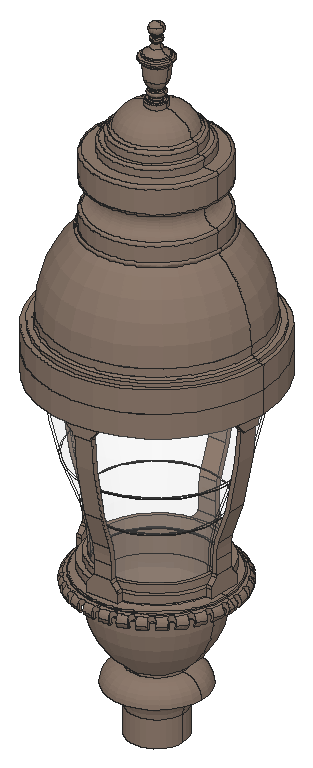
Revit family "LA983", category Generic Models, Revit 2017
Family settings
  Can host rebar = No
  Round Connector Dimension = Use Diameter
  Part Type = Normal
  Work Plane-Based = No
  Always vertical = Yes
  Cut with Voids When Loaded = No
  Shared = No
  Room Calculation Point = No
Parameters
  LENS = Polycarbonate, Clear
  LA983 = ARCH. BRNZ.
Reference planes (in)
  plane 1 "Center (Front/Back)": y = 0
  plane 2: z = 0
  plane 3 "Center (Left/Right)": x = 0
Forms (in)
  Revolve 1, solid, material "ARCH. BRNZ." <- "LA983"
    sketch origin (-65.34541, 0, 0) x (1, 0, 0) y (0, 0, 1)
      loop
        arc (63.36643, 5.125) -> (61.7897, 7.11324) -> (61.34525, 9.61157) r 5.18507
        line (61.34525, 9.61157) -> (61.5015, 9.61157) -> (61.5015, 11.1875) -> (61.34541, 11.1875) -> (61.34541, 12) -> (61.09541, 12) -> (61.09541, 11.5) -> (60.7051, 11.5) -> (60.7051, 11) -> (60.97041, 11)
        arc (60.97041, 11) -> (60.92194, 10.9736) -> (60.89529, 10.92527) r 0.09846
        arc (60.89529, 10.92527) -> (60.87742, 10.87799) -> (60.8412, 10.84273) r 0.11648
        arc (60.8412, 10.84273) -> (60.55464, 10.74416) -> (60.25329, 10.71217) r 1.34629
        arc (60.25329, 10.71217) -> (60.20909, 10.69387) -> (60.19079, 10.64967) r 0.0625
        line (60.19079, 10.64967) -> (60.19079, 10.58717)
        arc (60.19079, 10.58717) -> (60.07163, 10.57253) -> (59.95957, 10.52946) r 0.49206
        arc (59.95957, 10.52946) -> (59.75728, 10.3213) -> (59.70173, 10.03641) r 0.50882
        arc (59.70173, 10.03641) -> (59.7632, 9.86687) -> (59.88789, 9.73657) r 0.4371
        arc (59.88789, 9.73657) -> (59.92992, 9.7335) -> (59.95104, 9.76997) r 0.03971
        arc (59.95104, 9.76997) -> (59.9519, 9.78734) -> (59.95334, 9.80467) r 0.51288
        arc (59.95334, 9.80467) -> (59.91795, 10.04487) -> (60.02421, 10.26319) r 0.41131
        arc (60.02421, 10.26319) -> (60.1059, 10.32149) -> (60.19303, 10.3713) r 0.99932
        arc (60.19303, 10.3713) -> (60.6541, 10.36665) -> (60.91531, 9.98668) r 0.5
        arc (60.91531, 9.98668) -> (60.92833, 9.79928) -> (60.9212, 9.61157) r 1.75115
        line (60.9212, 9.61157) -> (61.10145, 9.61157)
        arc (61.10145, 9.61157) -> (61.59187, 6.96681) -> (63.28291, 4.875) r 5.47365
        line (63.28291, 4.875) -> (63.84541, 4.875) -> (63.84541, 5.125) -> (63.36643, 5.125)
      axis (65.34541, 4.875) -> (65.34541, 12)
    angle from 0 to 360
  Revolve 2, solid, material "ARCH. BRNZ." <- "LA983"
    sketch origin (-65.34711, 0, 0) x (1, 0, 0) y (0, 0, 1)
      loop
        arc (64.36997, 44.18873) -> (64.42307, 44.16714) -> (64.44506, 44.11421) r 0.0744
        arc (64.44506, 44.11421) -> (64.45175, 44.05356) -> (64.46119, 43.99328) r 1.33358
        arc (64.46119, 43.99328) -> (64.4952, 43.48328) -> (64.57811, 42.97892) r 5.30623
        arc (64.57811, 42.97892) -> (64.69437, 42.70014) -> (64.8647, 42.45068) r 1.48313
        arc (64.8647, 42.45068) -> (64.91969, 42.40646) -> (64.9808, 42.37118) r 0.45987
        arc (64.9808, 42.37118) -> (65.00037, 42.32225) -> (64.97257, 42.27747) r 0.0584
        arc (64.97257, 42.27747) -> (64.94511, 42.2635) -> (64.92573, 42.23955) r 0.0739
        arc (64.92573, 42.23955) -> (64.90871, 42.23521) -> (64.89124, 42.23334) r 0.12303
        arc (64.89124, 42.23334) -> (64.85783, 42.21672) -> (64.83583, 42.18658) r 0.07875
        arc (64.83583, 42.18658) -> (64.75289, 42.05867) -> (64.85258, 41.94333) r 0.12695
        arc (64.85258, 41.94333) -> (64.8654, 41.9344) -> (64.86739, 41.9189) r 0.01928
        arc (64.86739, 41.9189) -> (64.87302, 41.89476) -> (64.8937, 41.88109) r 0.03352
        arc (64.8937, 41.88109) -> (64.91557, 41.87567) -> (64.9331, 41.8615) r 0.05198
        arc (64.9331, 41.8615) -> (64.96911, 41.77887) -> (64.95613, 41.68967) r 0.16437
        arc (64.95613, 41.68967) -> (64.9275, 41.65124) -> (64.88707, 41.62549) r 0.13264
        arc (64.88707, 41.62549) -> (64.80972, 41.60972) -> (64.7323, 41.59429) r 18.01965
        arc (64.7323, 41.59429) -> (64.71015, 41.58445) -> (64.693, 41.56731) r 0.06636
        arc (64.693, 41.56731) -> (64.64994, 41.55285) -> (64.61899, 41.51961) r 0.09233
        line (64.61899, 41.51961) -> (64.61899, 41.20711) -> (65.21721, 41.20711) -> (65.21721, 42.60566) -> (65.34221, 42.83053) -> (65.34221, 46.65783)
        arc (65.34221, 46.65783) -> (65.08733, 46.57825) -> (64.90231, 46.38571) r 0.53684
        arc (64.90231, 46.38571) -> (64.86099, 46.19897) -> (64.92324, 46.01812) r 0.35261
        arc (64.92324, 46.01812) -> (64.97651, 45.96059) -> (65.03731, 45.91109) r 0.55926
        arc (65.03731, 45.91109) -> (65.07168, 45.87402) -> (65.08462, 45.82514) r 0.10443
        arc (65.08462, 45.82514) -> (65.06177, 45.79834) -> (65.05647, 45.76347) r 0.0638
        arc (65.05647, 45.76347) -> (65.05115, 45.73721) -> (65.03076, 45.71984) r 0.04101
        arc (65.03076, 45.71984) -> (64.98659, 45.68592) -> (64.96131, 45.63629) r 0.12623
        arc (64.96131, 45.63629) -> (64.95318, 45.57395) -> (64.96525, 45.51225) r 0.1955
        arc (64.96525, 45.51225) -> (64.98496, 45.47404) -> (65.01911, 45.44791) r 0.09817
        arc (65.01911, 45.44791) -> (65.03573, 45.43571) -> (65.04257, 45.41625) r 0.03493
        arc (65.04257, 45.41625) -> (65.04315, 45.40056) -> (65.04206, 45.3849) r 0.14705
        arc (65.04206, 45.3849) -> (65.04488, 45.36879) -> (65.05586, 45.35667) r 0.02946
        arc (65.05586, 45.35667) -> (65.07016, 45.34862) -> (65.08656, 45.34797) r 0.03502
        arc (65.08656, 45.34797) -> (65.05466, 45.16667) -> (64.96996, 45.00322) r 0.60818
        arc (64.96996, 45.00322) -> (64.78187, 44.76567) -> (64.52885, 44.59896) r 0.95538
        arc (64.52885, 44.59896) -> (64.49059, 44.57988) -> (64.45968, 44.55035) r 0.14307
        arc (64.45968, 44.55035) -> (64.45226, 44.53248) -> (64.44912, 44.5134) r 0.08435
        arc (64.44912, 44.5134) -> (64.3547, 44.47614) -> (64.27082, 44.41899) r 0.4577
        arc (64.27082, 44.41899) -> (64.23261, 44.36937) -> (64.22273, 44.30754) r 0.1271
        arc (64.22273, 44.30754) -> (64.26139, 44.23923) -> (64.32994, 44.201) r 0.14524
        arc (64.32994, 44.201) -> (64.35028, 44.19594) -> (64.36997, 44.18873) r 0.19671
      axis (65.34221, 41.20711) -> (65.34221, 46.65783)
    angle from 0 to 360
  Revolve 3, solid, material "ARCH. BRNZ." <- "LA983"
    sketch origin (-65.34711, 0, 0) x (1, 0, 0) y (0, 0, 1)
      loop
        arc (60.84058, 36.49511) -> (60.89564, 36.36217) -> (61.02858, 36.30711) r 0.188
        arc (61.02858, 36.30711) -> (61.84319, 35.43211) -> (61.02858, 34.55711) r 0.87724
        arc (61.02858, 34.55711) -> (60.89564, 34.50205) -> (60.84058, 34.36911) r 0.188
        line (60.84058, 34.36911) -> (60.84058, 33.24411)
        arc (60.84058, 33.24411) -> (60.82154, 33.19815) -> (60.77558, 33.17911) r 0.065
        line (60.77558, 33.17911) -> (60.71558, 33.17911)
        arc (60.71558, 33.17911) -> (60.65058, 33.24411) -> (60.71558, 33.30911) r 0.065
        line (60.71558, 33.30911) -> (60.71558, 33.36911)
        arc (60.71558, 33.36911) -> (60.59058, 33.24411) -> (60.71558, 33.11911) r 0.125
        line (60.71558, 33.11911) -> (60.77558, 33.11911)
        arc (60.77558, 33.11911) -> (60.86397, 33.15572) -> (60.90058, 33.24411) r 0.125
        line (60.90058, 33.24411) -> (60.90058, 34.36911)
        arc (60.90058, 34.36911) -> (60.93874, 34.46029) -> (61.03048, 34.4971) r 0.128
        arc (61.03048, 34.4971) -> (61.90319, 35.43211) -> (61.03048, 36.36712) r 0.93724
        arc (61.03048, 36.36712) -> (60.93874, 36.40393) -> (60.90058, 36.49511) r 0.128
        line (60.90058, 36.49511) -> (60.90058, 38.11911)
        arc (60.90058, 38.11911) -> (60.93807, 38.20962) -> (61.02858, 38.24711) r 0.128
        line (61.02858, 38.24711) -> (61.90319, 38.24711) -> (61.90319, 38.81911)
        arc (61.90319, 38.81911) -> (61.94068, 38.90962) -> (62.03119, 38.94711) r 0.128
        line (62.03119, 38.94711) -> (62.4028, 38.94711) -> (62.40274, 39.5191)
        arc (62.40274, 39.5191) -> (62.44023, 39.60962) -> (62.53074, 39.64711) r 0.128
        line (62.53074, 39.64711) -> (62.57394, 39.64711)
        arc (62.57394, 39.64711) -> (62.72128, 39.69562) -> (62.81098, 39.82218) r 0.248
        arc (62.81098, 39.82218) -> (63.51098, 40.79563) -> (64.65731, 41.14711) r 1.87791
        line (64.65731, 41.14711) -> (65.17425, 41.14711) -> (65.17425, 41.20711) -> (64.65812, 41.20711)
        arc (64.65812, 41.20711) -> (63.47566, 40.84413) -> (62.75363, 39.83982) r 1.93791
        arc (62.75363, 39.83982) -> (62.68563, 39.74389) -> (62.57394, 39.70711) r 0.188
        line (62.57394, 39.70711) -> (62.53074, 39.70711)
        arc (62.53074, 39.70711) -> (62.3978, 39.65204) -> (62.34274, 39.51909) r 0.188
        line (62.34274, 39.51909) -> (62.3428, 39.00711) -> (62.03119, 39.00711)
        arc (62.03119, 39.00711) -> (61.89825, 38.95205) -> (61.84319, 38.81911) r 0.188
        line (61.84319, 38.81911) -> (61.84319, 38.30711) -> (61.02858, 38.30711)
        arc (61.02858, 38.30711) -> (60.89564, 38.25205) -> (60.84058, 38.11911) r 0.188
        line (60.84058, 38.11911) -> (60.84058, 36.49511)
      axis (65.34221, 41.20711) -> (65.34221, 33.11911)
    angle from 0 to 360
  Revolve 4, solid, material "ARCH. BRNZ." <- "LA983"
    sketch origin (-65.34711, 0, 0) x (1, 0, 0) y (0, 0, 1)
      loop
        line (58.34221, 27.77372) -> (58.34221, 27.20675)
        arc (58.34221, 27.20675) -> (58.3056, 27.11837) -> (58.21721, 27.08175) r 0.125
        line (58.21721, 27.08175) -> (57.84221, 27.08175) -> (57.84221, 26.83175) -> (57.49846, 26.83175) -> (57.49846, 25.24175) -> (57.98292, 25.24175) -> (58.02971, 26.58175) -> (58.52971, 26.58175) -> (58.52971, 27.77372)
        arc (58.52971, 27.77372) -> (60.43746, 32.50167) -> (65.09221, 34.58163) r 6.8125
        line (65.09221, 34.58163) -> (65.09221, 34.76925)
        arc (65.09221, 34.76925) -> (60.30485, 32.63428) -> (58.34221, 27.77372) r 7
      axis (65.34221, 34.76925) -> (65.34221, 25.24175)
    angle from 0 to 360
  Revolve 5, solid, material "ARCH. BRNZ." <- "LA983"
    sketch origin (-65.34711, 0, 0) x (1, 0, 0) y (0, 0, 1)
      loop
        line (58.28721, 23.65175) -> (58.28721, 23.40175) -> (58.46721, 23.40175) -> (58.46721, 23.90175) -> (58.18596, 23.90175) -> (58.12171, 25.74175) -> (58.02052, 25.74175) -> (58.00306, 25.24175) -> (57.49846, 25.24175) -> (57.49846, 23.65175) -> (58.28721, 23.65175)
      axis (65.34711, 25.74175) -> (65.34711, 23.40175)
    angle from 0 to 360
  Revolve 6, solid, material "Polycarbonate, Clear" <- "LENS"
    sketch origin (-65.34711, 0, 0) x (1, 0, 0) y (0, 0, 1)
      loop
        line (58.92095, 24.15175) -> (58.24846, 24.15175) -> (58.24846, 23.90175) -> (58.80446, 23.90175)
        arc (58.80446, 23.90175) -> (59.1015, 21.08806) -> (59.76164, 18.33682) r 21.72758
        arc (59.76164, 18.33682) -> (60.34604, 16.82972) -> (60.94043, 15.32653) r 243.40339
        arc (60.94043, 15.32653) -> (61.36838, 13.30899) -> (61.45613, 11.24842) r 12.40451
        line (61.45613, 11.24842) -> (61.58123, 11.24842)
        arc (61.58123, 11.24842) -> (61.49173, 13.32992) -> (61.05855, 15.3678) r 12.52951
        arc (61.05855, 15.3678) -> (60.46418, 16.87083) -> (59.87982, 18.37777) r 243.27839
        arc (59.87982, 18.37777) -> (59.20392, 21.23214) -> (58.92095, 24.15175) r 21.60258
      axis (65.34711, 24.15175) -> (65.34711, 11.24842)
    angle from 0 to 360
  Extrusion 7, solid, material "ARCH. BRNZ." <- "LA983"
    sketch origin (0, -65.34541, 0) x (0, 1, 0) y (0, 0, 1)
      loop
        line (72.18433, 23.65175) -> (71.90706, 23.65175)
        arc (71.90706, 23.65175) -> (71.60862, 20.18397) -> (70.92912, 16.77035) r 31.47463
        line (70.92912, 16.77035) -> (70.11614, 14.5089)
        arc (70.11614, 14.5089) -> (70.01364, 13.89701) -> (69.97933, 13.27755) r 5.60981
        line (69.97933, 13.27755) -> (69.97933, 11.15202) -> (70.25982, 11.15202) -> (70.25982, 13.27755)
        arc (70.25982, 13.27755) -> (70.29241, 13.86604) -> (70.38979, 14.44733) r 5.32932
        line (70.38979, 14.44733) -> (71.19105, 16.67618)
        arc (71.19105, 16.67618) -> (71.88178, 20.13633) -> (72.18433, 23.65175) r 31.75178
    from -0.625 to 0.625
  Extrusion 8, solid, material "ARCH. BRNZ." <- "LA983"
    sketch origin (-65.34221, 6.81184, 0) x (1, 0, 0) y (0, 0, 1)
      loop
        arc (65.97822, 22.32267) -> (66.00172, 22.41843) -> (66.05136, 22.50363) r 0.34479
        line (66.05136, 22.50363) -> (66.39968, 22.9017)
        arc (66.39968, 22.9017) -> (66.45115, 22.98775) -> (66.46908, 23.08641) r 0.28049
        line (66.46908, 23.08641) -> (66.46908, 23.65175) -> (65.34221, 23.65175) -> (64.21535, 23.65175) -> (64.21535, 23.08641)
        arc (64.21535, 23.08641) -> (64.23328, 22.98775) -> (64.28475, 22.9017) r 0.28049
        line (64.28475, 22.9017) -> (64.63307, 22.50363)
        arc (64.63307, 22.50363) -> (64.68271, 22.41843) -> (64.70621, 22.32267) r 0.34479
        line (64.70621, 22.32267) -> (65.97822, 22.32267)
    from -0.06806 to 0.31892
  Extrusion 9, solid, material "ARCH. BRNZ." <- "LA983"
    sketch origin (0, 65.34541, 0) x (0, -1, 0) y (0, 0, -1)
      loop
        arc (72.18433, -23.65175) -> (71.88178, -20.13633) -> (71.19105, -16.67618) r 31.75178
        line (71.19105, -16.67618) -> (70.38979, -14.44733)
        arc (70.38979, -14.44733) -> (70.29241, -13.86604) -> (70.25982, -13.27755) r 5.32932
        line (70.25982, -13.27755) -> (70.25982, -11.15202) -> (69.97933, -11.15202) -> (69.97933, -13.27755)
        arc (69.97933, -13.27755) -> (70.01364, -13.89701) -> (70.11614, -14.5089) r 5.60981
        line (70.11614, -14.5089) -> (70.92912, -16.77035)
        arc (70.92912, -16.77035) -> (71.60862, -20.18397) -> (71.90706, -23.65175) r 31.47463
        line (71.90706, -23.65175) -> (72.18433, -23.65175)
    from -0.625 to 0.625
  Extrusion 10, solid, material "ARCH. BRNZ." <- "LA983"
    sketch origin (-65.34221, -6.81184, 0) x (1, 0, 0) y (0, 0, -1)
      loop
        line (65.97822, -22.32267) -> (64.70621, -22.32267)
        arc (64.70621, -22.32267) -> (64.68271, -22.41843) -> (64.63307, -22.50363) r 0.34479
        line (64.63307, -22.50363) -> (64.28475, -22.9017)
        arc (64.28475, -22.9017) -> (64.23328, -22.98775) -> (64.21535, -23.08641) r 0.28049
        line (64.21535, -23.08641) -> (64.21535, -23.65175) -> (65.34221, -23.65175) -> (66.46908, -23.65175) -> (66.46908, -23.08641)
        arc (66.46908, -23.08641) -> (66.45115, -22.98775) -> (66.39968, -22.9017) r 0.28049
        line (66.39968, -22.9017) -> (66.05136, -22.50363)
        arc (66.05136, -22.50363) -> (66.00172, -22.41843) -> (65.97822, -22.32267) r 0.34479
    from -0.06806 to 0.31892
  Extrusion 11, solid, material "ARCH. BRNZ." <- "LA983"
    sketch origin (65.34541, 0, 0) x (-1, 0, 0) y (0, 0, 1)
      loop
        line (72.18433, 23.65175) -> (71.90706, 23.65175)
        arc (71.90706, 23.65175) -> (71.60862, 20.18397) -> (70.92912, 16.77035) r 31.47463
        line (70.92912, 16.77035) -> (70.11614, 14.5089)
        arc (70.11614, 14.5089) -> (70.01364, 13.89701) -> (69.97933, 13.27755) r 5.60981
        line (69.97933, 13.27755) -> (69.97933, 11.15202) -> (70.25982, 11.15202) -> (70.25982, 13.27755)
        arc (70.25982, 13.27755) -> (70.29241, 13.86604) -> (70.38979, 14.44733) r 5.32932
        line (70.38979, 14.44733) -> (71.19105, 16.67618)
        arc (71.19105, 16.67618) -> (71.88178, 20.13633) -> (72.18433, 23.65175) r 31.75178
    from -0.625 to 0.625
  Extrusion 12, solid, material "ARCH. BRNZ." <- "LA983"
    sketch origin (-6.81184, -65.34221, 0) x (0, 1, 0) y (0, 0, 1)
      loop
        arc (65.97822, 22.32267) -> (66.00172, 22.41843) -> (66.05136, 22.50363) r 0.34479
        line (66.05136, 22.50363) -> (66.39968, 22.9017)
        arc (66.39968, 22.9017) -> (66.45115, 22.98775) -> (66.46908, 23.08641) r 0.28049
        line (66.46908, 23.08641) -> (66.46908, 23.65175) -> (65.34221, 23.65175) -> (64.21535, 23.65175) -> (64.21535, 23.08641)
        arc (64.21535, 23.08641) -> (64.23328, 22.98775) -> (64.28475, 22.9017) r 0.28049
        line (64.28475, 22.9017) -> (64.63307, 22.50363)
        arc (64.63307, 22.50363) -> (64.68271, 22.41843) -> (64.70621, 22.32267) r 0.34479
        line (64.70621, 22.32267) -> (65.97822, 22.32267)
    from -0.06806 to 0.31892
  Extrusion 13, solid, material "ARCH. BRNZ." <- "LA983"
    sketch origin (-65.34541, 0, 0) x (1, 0, 0) y (0, 0, -1)
      loop
        arc (72.18433, -23.65175) -> (71.88178, -20.13633) -> (71.19105, -16.67618) r 31.75178
        line (71.19105, -16.67618) -> (70.38979, -14.44733)
        arc (70.38979, -14.44733) -> (70.29241, -13.86604) -> (70.25982, -13.27755) r 5.32932
        line (70.25982, -13.27755) -> (70.25982, -11.15202) -> (69.97933, -11.15202) -> (69.97933, -13.27755)
        arc (69.97933, -13.27755) -> (70.01364, -13.89701) -> (70.11614, -14.5089) r 5.60981
        line (70.11614, -14.5089) -> (70.92912, -16.77035)
        arc (70.92912, -16.77035) -> (71.60862, -20.18397) -> (71.90706, -23.65175) r 31.47463
        line (71.90706, -23.65175) -> (72.18433, -23.65175)
    from -0.625 to 0.625
  Extrusion 14, solid, material "ARCH. BRNZ." <- "LA983"
    sketch origin (6.81184, -65.34221, 0) x (0, 1, 0) y (0, 0, -1)
      loop
        line (65.97822, -22.32267) -> (64.70621, -22.32267)
        arc (64.70621, -22.32267) -> (64.68271, -22.41843) -> (64.63307, -22.50363) r 0.34479
        line (64.63307, -22.50363) -> (64.28475, -22.9017)
        arc (64.28475, -22.9017) -> (64.23328, -22.98775) -> (64.21535, -23.08641) r 0.28049
        line (64.21535, -23.08641) -> (64.21535, -23.65175) -> (65.34221, -23.65175) -> (66.46908, -23.65175) -> (66.46908, -23.08641)
        arc (66.46908, -23.08641) -> (66.45115, -22.98775) -> (66.39968, -22.9017) r 0.28049
        line (66.39968, -22.9017) -> (66.05136, -22.50363)
        arc (66.05136, -22.50363) -> (66.00172, -22.41843) -> (65.97822, -22.32267) r 0.34479
    from -0.06806 to 0.31892
  Extrusion 15, solid, material "ARCH. BRNZ." <- "LA983"
    sketch origin (-65.34221, 4.8996, 34.65175) x (1, 0, 0) y (0, 0, 1)
      loop
        line (65.97822, -22.32267) -> (64.70621, -22.32267)
        arc (64.70621, -22.32267) -> (64.68271, -22.41843) -> (64.63307, -22.50363) r 0.34479
        line (64.63307, -22.50363) -> (64.28475, -22.9017)
        arc (64.28475, -22.9017) -> (64.23328, -22.98775) -> (64.21535, -23.08641) r 0.28049
        line (64.21535, -23.08641) -> (64.21535, -23.65175) -> (65.34221, -23.65175) -> (66.46908, -23.65175) -> (66.46908, -23.08641)
        arc (66.46908, -23.08641) -> (66.45115, -22.98775) -> (66.39968, -22.9017) r 0.28049
        line (66.39968, -22.9017) -> (66.05136, -22.50363)
        arc (66.05136, -22.50363) -> (66.00172, -22.41843) -> (65.97822, -22.32267) r 0.34479
    from -0.06806 to 0.31892
  Extrusion 16, solid, material "ARCH. BRNZ." <- "LA983"
    sketch origin (-65.34221, -4.8996, 34.65175) x (1, 0, 0) y (0, 0, -1)
      loop
        arc (65.97822, 22.32267) -> (66.00172, 22.41843) -> (66.05136, 22.50363) r 0.34479
        line (66.05136, 22.50363) -> (66.39968, 22.9017)
        arc (66.39968, 22.9017) -> (66.45115, 22.98775) -> (66.46908, 23.08641) r 0.28049
        line (66.46908, 23.08641) -> (66.46908, 23.65175) -> (65.34221, 23.65175) -> (64.21535, 23.65175) -> (64.21535, 23.08641)
        arc (64.21535, 23.08641) -> (64.23328, 22.98775) -> (64.28475, 22.9017) r 0.28049
        line (64.28475, 22.9017) -> (64.63307, 22.50363)
        arc (64.63307, 22.50363) -> (64.68271, 22.41843) -> (64.70621, 22.32267) r 0.34479
        line (64.70621, 22.32267) -> (65.97822, 22.32267)
    from -0.06806 to 0.31892
  Extrusion 17, solid, material "ARCH. BRNZ." <- "LA983"
    sketch origin (4.8996, 65.34221, 34.65175) x (0, -1, 0) y (0, 0, 1)
      loop
        line (65.97822, -22.32267) -> (64.70621, -22.32267)
        arc (64.70621, -22.32267) -> (64.68271, -22.41843) -> (64.63307, -22.50363) r 0.34479
        line (64.63307, -22.50363) -> (64.28475, -22.9017)
        arc (64.28475, -22.9017) -> (64.23328, -22.98775) -> (64.21535, -23.08641) r 0.28049
        line (64.21535, -23.08641) -> (64.21535, -23.65175) -> (65.34221, -23.65175) -> (66.46908, -23.65175) -> (66.46908, -23.08641)
        arc (66.46908, -23.08641) -> (66.45115, -22.98775) -> (66.39968, -22.9017) r 0.28049
        line (66.39968, -22.9017) -> (66.05136, -22.50363)
        arc (66.05136, -22.50363) -> (66.00172, -22.41843) -> (65.97822, -22.32267) r 0.34479
    from -0.06806 to 0.31892
  Extrusion 18, solid, material "ARCH. BRNZ." <- "LA983"
    sketch origin (-4.8996, 65.34221, 34.65175) x (0, -1, 0) y (0, 0, -1)
      loop
        arc (65.97822, 22.32267) -> (66.00172, 22.41843) -> (66.05136, 22.50363) r 0.34479
        line (66.05136, 22.50363) -> (66.39968, 22.9017)
        arc (66.39968, 22.9017) -> (66.45115, 22.98775) -> (66.46908, 23.08641) r 0.28049
        line (66.46908, 23.08641) -> (66.46908, 23.65175) -> (65.34221, 23.65175) -> (64.21535, 23.65175) -> (64.21535, 23.08641)
        arc (64.21535, 23.08641) -> (64.23328, 22.98775) -> (64.28475, 22.9017) r 0.28049
        line (64.28475, 22.9017) -> (64.63307, 22.50363)
        arc (64.63307, 22.50363) -> (64.68271, 22.41843) -> (64.70621, 22.32267) r 0.34479
        line (64.70621, 22.32267) -> (65.97822, 22.32267)
    from -0.06806 to 0.31892
  Extrusion 19, void
    sketch origin (-32.34541, -0.07812, 0) x (1, 0, 0) y (0, 1, 0)
      loop
        circle (32.34541, 5.64368) r 0.25
    from 8.97137 to 11.63926
  Extrusion 20, void
    sketch origin (-31.65483, 6.64857, 0) x (0.978148, -0.207912, 0) y (0.207912, 0.978148, 0)
      loop
        circle (32.34541, 5.64368) r 0.25
    from 8.97137 to 11.63926
  Extrusion 21, void
    sketch origin (-31.62234, -6.80141, 0) x (0.978148, 0.207912, 0) y (-0.207912, 0.978148, 0)
      loop
        circle (32.34541, 5.64368) r 0.25
    from 8.97137 to 11.63926
  Extrusion 22, void
    sketch origin (-29.51723, -13.22743, 0) x (0.913545, 0.406737, 0) y (-0.406737, 0.913545, 0)
      loop
        circle (32.34541, 5.64368) r 0.25
    from 8.97137 to 11.63926
  Extrusion 23, void
    sketch origin (-26.12206, -19.07536, 0) x (0.809017, 0.587785, 0) y (-0.587785, 0.809017, 0)
      loop
        circle (32.34541, 5.64368) r 0.25
    from 8.97137 to 11.63926
  Extrusion 24, void
    sketch origin (-21.58524, -24.0896, 0) x (0.669131, 0.743145, 0) y (-0.743145, 0.669131, 0)
      loop
        circle (32.34541, 5.64368) r 0.25
    from 8.97137 to 11.63926
  Extrusion 25, void
    sketch origin (-16.10505, -28.05101, 0) x (0.5, 0.866025, 0) y (-0.866025, 0.5, 0)
      loop
        circle (32.34541, 5.64368) r 0.25
    from 8.97137 to 11.63926
  Extrusion 26, void
    sketch origin (-9.92098, -30.78645, 0) x (0.309017, 0.951057, 0) y (-0.951057, 0.309017, 0)
      loop
        circle (32.34541, 5.64368) r 0.25
    from 8.97137 to 11.63926
  Extrusion 27, void
    sketch origin (-3.30332, -32.17638, 0) x (0.104528, 0.994522, 0) y (-0.994522, 0.104528, 0)
      loop
        circle (32.34541, 5.64368) r 0.25
    from 8.97137 to 11.63926
  Extrusion 28, void
    sketch origin (3.45871, -32.16005, 0) x (-0.104528, 0.994522, 0) y (-0.994522, -0.104528, 0)
      loop
        circle (32.34541, 5.64368) r 0.25
    from 8.97137 to 11.63926
  Extrusion 29, void
    sketch origin (10.06958, -30.73817, 0) x (-0.309017, 0.951057, 0) y (-0.951057, -0.309017, 0)
      loop
        circle (32.34541, 5.64368) r 0.25
    from 8.97137 to 11.63926
  Extrusion 30, void
    sketch origin (16.24036, -27.97288, 0) x (-0.5, 0.866025, 0) y (-0.866025, -0.5, 0)
      loop
        circle (32.34541, 5.64368) r 0.25
    from 8.97137 to 11.63926
  Extrusion 31, void
    sketch origin (21.70136, -23.98505, 0) x (-0.669131, 0.743145, 0) y (-0.743145, -0.669131, 0)
      loop
        circle (32.34541, 5.64368) r 0.25
    from 8.97137 to 11.63926
  Extrusion 32, void
    sketch origin (26.21391, -18.94895, 0) x (-0.809017, 0.587785, 0) y (-0.587785, -0.809017, 0)
      loop
        circle (32.34541, 5.64368) r 0.25
    from 8.97137 to 11.63926
  Extrusion 33, void
    sketch origin (29.58078, -13.08469, 0) x (-0.913545, 0.406737, 0) y (-0.406737, -0.913545, 0)
      loop
        circle (32.34541, 5.64368) r 0.25
    from 8.97137 to 11.63926
  Extrusion 34, void
    sketch origin (31.65483, -6.64857, 0) x (-0.978148, 0.207912, 0) y (-0.207912, -0.978148, 0)
      loop
        circle (32.34541, 5.64368) r 0.25
    from 8.97137 to 11.63926
  Extrusion 35, void
    sketch origin (32.34541, 0.07812, 0) x (-1, 0, 0) y (0, -1, 0)
      loop
        circle (32.34541, 5.64368) r 0.25
    from 8.97137 to 11.63926
  Extrusion 36, void
    sketch origin (31.62234, 6.80141, 0) x (-0.978148, -0.207912, 0) y (0.207912, -0.978148, 0)
      loop
        circle (32.34541, 5.64368) r 0.25
    from 8.97137 to 11.63926
  Extrusion 37, void
    sketch origin (29.51723, 13.22743, 0) x (-0.913545, -0.406737, 0) y (0.406737, -0.913545, 0)
      loop
        circle (32.34541, 5.64368) r 0.25
    from 8.97137 to 11.63926
  Extrusion 38, void
    sketch origin (26.12206, 19.07536, 0) x (-0.809017, -0.587785, 0) y (0.587785, -0.809017, 0)
      loop
        circle (32.34541, 5.64368) r 0.25
    from 8.97137 to 11.63926
  Extrusion 39, void
    sketch origin (21.58524, 24.0896, 0) x (-0.669131, -0.743145, 0) y (0.743145, -0.669131, 0)
      loop
        circle (32.34541, 5.64368) r 0.25
    from 8.97137 to 11.63926
  Extrusion 40, void
    sketch origin (16.10505, 28.05101, 0) x (-0.5, -0.866025, 0) y (0.866025, -0.5, 0)
      loop
        circle (32.34541, 5.64368) r 0.25
    from 8.97137 to 11.63926
  Extrusion 41, void
    sketch origin (9.92098, 30.78645, 0) x (-0.309017, -0.951057, 0) y (0.951057, -0.309017, 0)
      loop
        circle (32.34541, 5.64368) r 0.25
    from 8.97137 to 11.63926
  Extrusion 42, void
    sketch origin (3.30332, 32.17638, 0) x (-0.104528, -0.994522, 0) y (0.994522, -0.104528, 0)
      loop
        circle (32.34541, 5.64368) r 0.25
    from 8.97137 to 11.63926
  Extrusion 43, void
    sketch origin (-3.45871, 32.16005, 0) x (0.104528, -0.994522, 0) y (0.994522, 0.104528, 0)
      loop
        circle (32.34541, 5.64368) r 0.25
    from 8.97137 to 11.63926
  Extrusion 44, void
    sketch origin (-10.06958, 30.73817, 0) x (0.309017, -0.951057, 0) y (0.951057, 0.309017, 0)
      loop
        circle (32.34541, 5.64368) r 0.25
    from 8.97137 to 11.63926
  Extrusion 45, void
    sketch origin (-16.24036, 27.97288, 0) x (0.5, -0.866025, 0) y (0.866025, 0.5, 0)
      loop
        circle (32.34541, 5.64368) r 0.25
    from 8.97137 to 11.63926
  Extrusion 46, void
    sketch origin (-21.70136, 23.98505, 0) x (0.669131, -0.743145, 0) y (0.743145, 0.669131, 0)
      loop
        circle (32.34541, 5.64368) r 0.25
    from 8.97137 to 11.63926
  Extrusion 47, void
    sketch origin (-26.21391, 18.94895, 0) x (0.809017, -0.587785, 0) y (0.587785, 0.809017, 0)
      loop
        circle (32.34541, 5.64368) r 0.25
    from 8.97137 to 11.63926
  Extrusion 48, void
    sketch origin (-29.58078, 13.08469, 0) x (0.913545, -0.406737, 0) y (0.406737, 0.913545, 0)
      loop
        circle (32.34541, 5.64368) r 0.25
    from 8.97137 to 11.63926
  Revolve 49, solid, material "ARCH. BRNZ." <- "LA983"
    sketch origin (-65.34541, 0, 0) x (1, 0, 0) y (0, 0, 1)
      loop
        line (63.40791, 0) -> (63.78291, 0) -> (63.7806, 1.90851)
        arc (63.7806, 1.90851) -> (63.35999, 2.78619) -> (62.58463, 3.37444) r 2.06891
        arc (62.58463, 3.37444) -> (62.43799, 3.58461) -> (62.46597, 3.83935) r 0.36444
        arc (62.46597, 3.83935) -> (62.8741, 4.22478) -> (63.41496, 4.3751) r 1.16715
        line (63.41496, 4.3751) -> (64.84541, 4.3751) -> (64.84541, 4.875) -> (64.18901, 4.875) -> (64.18901, 5.44809) -> (63.93901, 5.44809) -> (63.93901, 4.875) -> (63.40791, 4.875) -> (63.40791, 4.625)
        arc (63.40791, 4.625) -> (62.46121, 4.22566) -> (62.03318, 3.29158) r 1.41715
        arc (62.03318, 3.29158) -> (62.05031, 3.28569) -> (62.06816, 3.28259) r 0.11421
        arc (62.06816, 3.28259) -> (62.95934, 2.80034) -> (63.40563, 1.89063) r 1.66418
        line (63.40563, 1.89063) -> (63.40791, 0)
      axis (65.34541, 0) -> (65.34541, 5.44809)
    angle from 0 to 360
Cuts and joins
  Extrusion 19, Extrusion 20, Extrusion 21, Extrusion 22, Extrusion 23, Extrusion 24, Extrusion 25, Extrusion 26, Extrusion 27, Extrusion 28, Extrusion 29, Extrusion 30, Extrusion 31, Extrusion 32, Extrusion 33, Extrusion 34, Extrusion 35, Extrusion 36, Extrusion 37, Extrusion 38, Extrusion 39, Extrusion 40, Extrusion 41, Extrusion 42, Extrusion 43, Extrusion 44, Extrusion 45, Extrusion 46, Extrusion 47, Extrusion 48 cuts Revolve 1
Dimensions and locks (in)
  aligned and locked: plane 2 to level
